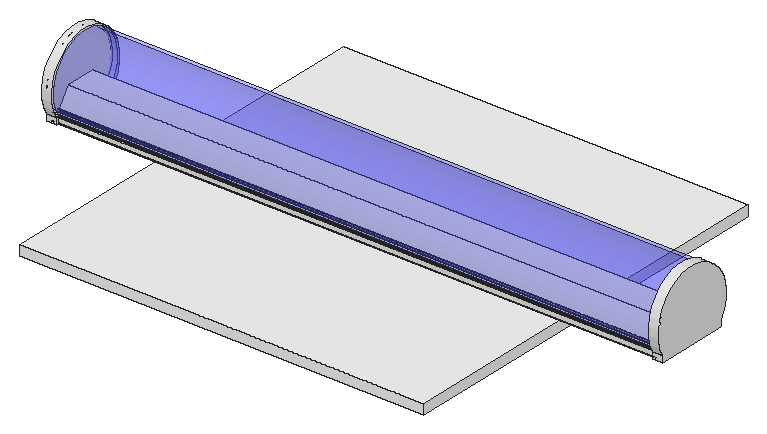
Revit family "BE_50215.2_de_DE", category Leuchten, Revit 2020
Family settings
  Basisbauteil = Fläche
  Bemaßung runder Anschluss = Durchmesser verwenden
  Teiletyp = Normal
  Beim Laden mit Abzugskörper schneiden = Ja
  Lichtquelle = Ja
  Gemeinsam genutzt = Nein
  Raumberechnungspunkt = Ja
Parameters (values of type "BEGA_50215.2_K3")
  built-in parameter 1150104 = 15.457 (stored number, unit not read)
  Wattage = 23.2 W
  Default Elevation = 0 mm
  built-in parameter 1150113 = 1 (stored number, unit not read)
  built-in parameter 1114218 = 1 (stored number, unit not read)
  Umgebungstemperatur = "25 °C"
  URL = "https://www.bega.com/de/produkt/50215.2"
  Typenkommentare = "© 2022 BEGA. Wir behalten uns das Recht vor, technische Änderungen ohne vorherige Ankündigung vorzunehmen."  # constant formula
  built-in parameter 1150134 = (empty or 0)
  built-in parameter 1150109 = 1 (stored number, unit not read)
  Strom = ""
  built-in parameter 1150110 = 1 (stored number, unit not read)
  Spannung = 239.996 V
  Sonderanfertigung = no
  Seriennummer [instance] = "Hier können Sie die eindeutige Seriennummer für das Facility Management eintragen."
  Schutzklasse = "I"
  Schutzart = "IP 20"
  Scheinlast = 0 VA
  Produktdatenblatt = "https://cdn.bega.com/bega/products/50215.2K3/current/documents/data-sheets/de"
  Oberflächentemperatur = ""
  Neigungswinkel = 0.00°
  Modell = "50215.2K3"
  Material_22 = BEGA_Oberfläche_Aluminium_matt
  Material_14 = BEGA_Kunststoff_opal
  Material_06 = BEGA_Oberfläche_Edelstahl_gebürstet
  M_W = no
  M_G = no
  M_A = no
  Logo = 0
  built-in parameter 1114217 = 1 (stored number, unit not read)
  built-in parameter 1150139 = (empty or 0)
  built-in parameter 1150105 = 307.17 (stored number, unit not read)
  built-in parameter 1150114 = 1 (stored number, unit not read)
  Lumens = 3860.02 lm
  built-in parameter 1150115 = 1 (stored number, unit not read)
  Leuchtenlichtstrom = "2650 lm"
  Leuchtenanzahl = ""
  Lebensdauerkriterien = "L70B50 @ 25 °C = 200000 h"
  Lastklassifizierung = Beleuchtung
  built-in parameter 1150112 = 1 (stored number, unit not read)
  Lampenlichtstrom = "3860 lm"
  Lampe = "LED 23.2 W"
  LED_Modulbezeichnung = "4x LED-0627/930"
  Hersteller = "BEGA"  # constant formula
  Halbstreuwinkel = ""
  Gewicht = "1.7 kg"
  Gebrauchslageneinschränkung [instance] = ""
  Frequenz = "0/50-60 Hz"
  Farbwiedergabeindex = "CRI > 90"
  Farbtemperaturverschiebung bei Dämpfen der Lampe = <Keine Auswahl>
  Farbtemperatur = "3000 K"
  Color Filter = 16777215
  built-in parameter 1150133 = 10 (stored number, unit not read)
  Energieeffizienzklasse = "LED A++ - A"
  built-in parameter 1150137 = (empty or 0)
  built-in parameter 1150132 = (empty or 0)
  ENEC = "ja"
  Dimmbar [instance] = "DALI"
  Datei für fotometrisches Netz = "BE_50215K3_PRE.IES"
  CE_Konformität = "ja"
  Bestellnummer = "50215.2K3"
  Beschreibung_Sonderanfertigung = "Hier können Sie Informationen zur Sonderanfertigung eintragen."
  Beschreibung = "Decken- und Wandleuchte"
  built-in parameter 1150106 = 3.0717 (stored number, unit not read)
  Befestigungsbohrung = "Ø 5,5 mm"
  Befestigungsabstand = "500 mm"
  Ballwurfsicher = ""
  BEGA_Intern_aus = yes
  BEGA_Intern_an = yes
  BEGA_Intern_Konstruktion = yes
  BEGA_Intern = yes
  BEGA_IES = yes
  BEGA_Dummy = no
  Anschlussleitung = ""
  Anschlussleistung [instance] = "26.6 W"
  Anschlusskasten = ""
  built-in parameter 1150107 = 3000 (stored number, unit not read)
  built-in parameter 1150102 = (empty or 0)
  built-in parameter 1150138 = (empty or 0)
  Aktualisierung = "2022-12-06T04:00:04"
  Abstand_zur_angestrahlten_Fläche [instance] = ""
  AC/DC = "AC/DC"
Reference planes
  plane 1 "Mitte (Vorne/Hinten)": y = 0
  plane 2: z = 0
  plane 3 "Mitte (Links/Rechts)": x = 0
  plane 4 "Links": x = -305
  plane 5 "Rechts": x = 305
  plane 6 "Unten": y = -41.921
  plane 7 "Oben": y = 41.921
  plane 8 "Vorne": z = 71.071
  plane 9 "Hinten": z = 0
Forms (mm)
  Extrusion 1, solid, material "BEGA_Platte_Weiss"
    sketch origin (0, -1119.2, 0) x (1, 0, 0) y (0, 1, 0)
      loop
        line (-200, 1319.2) -> (-200, 919.2) -> (200, 919.2) -> (200, 1319.2) -> (-200, 1319.2)
    from 0 to -10
  Extrusion 2, solid, material "BEGA_Dummy_matt", visible <- "BEGA_Dummy"
    sketch origin (80.095, -76.023, 0) x (1, 0, 0) y (0, 1, 0)
      loop
        line (-385.095, 76.023) -> (-385.095, 34.102) -> (224.905, 34.102) -> (224.905, 76.023) -> (-385.095, 76.023)
    from 0 to 71.071
Dimensions and locks
  plane 1 "Mitte (Vorne/Hinten)" to Extrusion 1 = 200 mm
  aligned and locked: plane 2 to Extrusion 1
  aligned and locked: level to Extrusion 1
Nested families
  nested 1: "BE_50215.2" at (0, 0, 0), type "BE_50215.2"
Connectors
  electrical at (0, 0, 0), driven by "Lastklassifizierung", driven by "Spannung", driven by "Scheinlast"
    settings: index 1, voltage 239.996 V, apparent load 0 VA, apparent load phase1 0 VA, apparent load phase2 0 VA, apparent load phase3 0 VA, power factor 1, load classification "Beleuchtung", number of poles 1, system type 31, power factor state 1, is connector primary yes, connector utility no, sub classification motor no, connector description ""
Definition of nested family "BE_50215.2"
  Parameters (values of type "BE_50215.2")
    Default Elevation = 1 mm
    URL = "http://www.bega.de/de/produkt"
    Type Comments = "© 2015 BEGA. Wir behalten uns das Recht vor, technische Änderungen ohne vorherige Ankündigung vorzunehmen. "  # constant formula
    Type Image = (empty or 0)
    Neigungswinkel_um_Z2 = 0.00°
    Neigungswinkel_um_Z1 = 0.00°
    Neigungswinkel_um_Y2 = 0.00°
    Neigungswinkel_um_Y1 = 0.00°
    Neigungswinkel_um_X2 = 0.00°
    Neigungswinkel_um_X1 = 0.00°
    Material_22 = none
    Material_17 = none
    Material_15 = none
    Material_14 = none
    Material_11 = none
    Material_09 = none
    Material_06 = none
    Material_05 = none
    Material_03 = none
    Material_02 = none
    Material_01 = none
    M_W = yes
    M_G = yes
    M_A = yes
    Länge_Platte = 800 mm  # constant formula
    Höhe_Platte = -10 mm  # constant formula
    Manufacturer = "BEGA"  # constant formula
    Drehwinkel_um_Z2 = 0.00°
    Drehwinkel_um_Z1 = 0.00°
    Breite_Platte = 200 mm  # constant formula
  Reference planes
    plane 1 "Mitte (Oben/Unten)": y = 0
    plane 2: z = 0
    plane 3 "Mitte (Links/Rechts)": x = 0
    plane 4: x = -305
    plane 5: z = 71.071
    plane 6: y = 41.921
    plane 7: y = -41.921
    plane 8: x = 305
  Forms (mm)
    Extrusion 1, solid, detail levels medium
      sketch origin (0, 0, 0) x (1, 0, 0) y (0, 1, 0)
        loop
          line (-400, 100) -> (-400, -100) -> (400, -100) -> (400, 100) -> (-400, 100)
      from 0 to -10 <- "Höhe_Platte"
    Extrusion 2, solid, material <- "Material_22", detail levels medium+fine
      sketch origin (0, 0, 0) x (0, 1, 0) y (0, 0, 1)
        loop
          line (29.5, 1.05) -> (33.5, 1.05)
          arc (33.5, 1.05) -> (33.854, 1.196) -> (34, 1.55) r 0.5
          line (34, 1.55) -> (34.005, 6.55)
          arc (34.005, 6.55) -> (33.854, 6.904) -> (33.5, 7.05) r 0.5
          line (33.5, 7.05) -> (26.25, 7.05) -> (26.25, 9.05) -> (14.75, 25.75) -> (-14.75, 25.75) -> (-26.25, 9.05) -> (-26.25, 7.05) -> (-33.5, 7.05)
          arc (-33.5, 7.05) -> (-33.854, 6.904) -> (-34, 6.55) r 0.5
          line (-34, 6.55) -> (-34.005, 1.55)
          arc (-34.005, 1.55) -> (-33.854, 1.196) -> (-33.5, 1.05) r 0.5
          line (-33.5, 1.05) -> (-29.5, 1.05)
          arc (-29.5, 1.05) -> (-29.146, 1.196) -> (-29, 1.55) r 0.5
          line (-29, 1.55) -> (-29, 3.75) -> (-15.25, 3.75) -> (-15.25, 17.45) -> (15.25, 17.45) -> (15.25, 3.75) -> (29, 3.75) -> (29, 1.55)
          arc (29, 1.55) -> (29.146, 1.196) -> (29.5, 1.05) r 0.5
      from -302.555 to 301.52
    Extrusion 3, solid, material <- "Material_22", detail levels medium+fine
      sketch origin (0, 0, 0) x (0, 1, 0) y (0, 0, 1)
        loop
          line (35.921, 1.279) -> (35.921, 7.539)
          arc (35.921, 7.539) -> (0, 71.071) -> (-35.921, 7.539) r 41.921
          line (-35.921, 7.539) -> (-35.921, 1.281) -> (35.921, 1.279)
      from 295.131 to 305
    Extrusion 4, void
      sketch origin (0, 0, 0) x (0, 1, 0) y (0, 0, 1)
        loop
          line (34.005, 0) -> (34.005, 8.308)
          arc (34.005, 8.308) -> (0, 69.951) -> (-34.005, 8.308) r 40.201
          line (-34.005, 8.308) -> (-34.005, 0) -> (34.005, 0)
      from 293.13 to 301.52
    Extrusion 5, solid, material <- "Material_22", detail levels medium+fine
      sketch origin (0, 0, 0) x (0, 1, 0) y (0, 0, -1)
        loop
          line (35.921, -1.279) -> (-35.921, -1.281) -> (-35.921, -7.539)
          arc (-35.921, -7.539) -> (0, -71.071) -> (35.921, -7.539) r 41.921
          line (35.921, -7.539) -> (35.921, -1.279)
      from 295.131 to 305
    Extrusion 6, void
      sketch origin (0, 0, 0) x (0, 1, 0) y (0, 0, -1)
        loop
          line (34.005, 0) -> (-34.005, 0) -> (-34.005, -8.308)
          arc (-34.005, -8.308) -> (0, -69.951) -> (34.005, -8.308) r 40.201
          line (34.005, -8.308) -> (34.005, 0)
      from 293.13 to 300.697
    Extrusion 7, solid, material <- "Material_14", detail levels medium+fine
      sketch origin (0, 0, 0) x (0, 1, 0) y (0, 0, 1)
        loop
          arc (-34.253, 8.991) -> (-33.161, 7.935) -> (-31.69, 7.55) r 3
          line (-31.69, 7.55) -> (-28.25, 7.55)
          arc (-28.25, 7.55) -> (-27.25, 8.55) -> (-28.25, 9.55) r 1
          line (-28.25, 9.55) -> (-31.69, 9.55)
          arc (-31.69, 9.55) -> (-32.179, 9.678) -> (-32.543, 10.028) r 1
          arc (-32.543, 10.028) -> (0, 67.648) -> (32.543, 10.028) r 38
          arc (32.543, 10.028) -> (32.179, 9.678) -> (31.69, 9.55) r 1
          line (31.69, 9.55) -> (28.25, 9.55)
          arc (28.25, 9.55) -> (27.25, 8.55) -> (28.25, 7.55) r 1
          line (28.25, 7.55) -> (31.69, 7.55)
          arc (31.69, 7.55) -> (33.161, 7.935) -> (34.253, 8.991) r 3
          arc (34.253, 8.991) -> (0, 69.648) -> (-34.253, 8.991) r 40
      from -300.697 to 302
    Extrusion 8, solid, material <- "Material_05", detail levels medium+fine
      sketch origin (0, 0, 0) x (1, 0, 0) y (0, 1, 0)
        loop
          arc (-263, 28.5) -> (-264.414, 27.914) -> (-265, 26.5) r 2
          line (-265, 26.5) -> (-265, -26.5)
          arc (-265, -26.5) -> (-264.414, -27.914) -> (-263, -28.5) r 2
          line (-263, -28.5) -> (-237, -28.5)
          arc (-237, -28.5) -> (-235.586, -27.914) -> (-235, -26.5) r 2
          line (-235, -26.5) -> (-235, 26.5)
          arc (-235, 26.5) -> (-235.586, 27.914) -> (-237, 28.5) r 2
          line (-237, 28.5) -> (-263, 28.5)
        loop
          line (263, 28.5) -> (237, 28.5)
          arc (237, 28.5) -> (235.586, 27.914) -> (235, 26.5) r 2
          line (235, 26.5) -> (235, -26.5)
          arc (235, -26.5) -> (235.586, -27.914) -> (237, -28.5) r 2
          line (237, -28.5) -> (263, -28.5)
          arc (263, -28.5) -> (264.414, -27.914) -> (265, -26.5) r 2
          line (265, -26.5) -> (265, 26.5)
          arc (265, 26.5) -> (264.414, 27.914) -> (263, 28.5) r 2
      from 1.55 to 5
    Extrusion 9, solid, material <- "Material_05", detail levels medium+fine
      sketch origin (0, 0, 0) x (1, 0, 0) y (0, 1, 0)
        loop
          circle (-260.5, 24) r 2
        loop
          circle (-260.5, -24) r 2
        loop
          circle (-239.5, -24) r 2
        loop
          circle (-239.5, 24) r 2
        loop
          circle (260.5, 24) r 2
        loop
          circle (239.5, 24) r 2
        loop
          circle (239.5, -24) r 2
        loop
          circle (260.5, -24) r 2
      from 0 to 3.55
    Extrusion 10, void
      sketch origin (0, 0, 0) x (1, 0, 0) y (0, 1, 0)
        loop
          arc (252.75, 3.25) -> (250, 6) -> (247.25, 3.25) r 2.75
          line (247.25, 3.25) -> (247.25, -3.25)
          arc (247.25, -3.25) -> (250, -6) -> (252.75, -3.25) r 2.75
          line (252.75, -3.25) -> (252.75, 3.25)
        loop
          arc (-246.75, -2.75) -> (-244, 0) -> (-246.75, 2.75) r 2.75
          line (-246.75, 2.75) -> (-253.25, 2.75)
          arc (-253.25, 2.75) -> (-256, 0) -> (-253.25, -2.75) r 2.75
          line (-253.25, -2.75) -> (-246.75, -2.75)
      from 0 to 7
    Revolve 11, void
      sketch origin (0, 0, 0) x (1, 0, 0) y (0, 0, 1)
        loop
          line (-301.574, 32.424) -> (-305.595, 36.445) -> (-305.595, 29.75) -> (-301.574, 29.75) -> (-301.574, 32.424)
        axis (-301.574, 29.75) -> (-305.595, 29.75)
      angle from 0 to 360
    Revolve 12, solid, material <- "Material_06", detail levels fine
      sketch origin (0, 0, 0) x (1, 0, 0) y (0, 0, 1)
        loop
          line (-304.674, 29.75) -> (-301.574, 29.75) -> (-301.574, 32) -> (-304.674, 35.1) -> (-304.674, 29.75)
        axis (-301.574, 29.75) -> (-304.674, 29.75)
      angle from 0 to 360
  Cuts and joins
    Extrusion 4, Extrusion 6 cuts Extrusion 3
    Extrusion 6, Revolve 11 cuts Extrusion 5
    joined: Extrusion 3, Extrusion 5
    Extrusion 10 cuts Extrusion 8
    Extrusion 10 cuts Extrusion 9
    joined: Extrusion 8, Extrusion 9
    Extrusion 10, Revolve 11 cuts Extrusion 2
    Extrusion 10 cuts Extrusion 7
  Dimensions and locks
    equal spacing: Extrusion 1 sketch curve, plane 3 "Mitte (Links/Rechts)", Extrusion 1 sketch curve
    equal spacing: Extrusion 1 sketch curve, plane 1 "Mitte (Oben/Unten)", Extrusion 1 sketch curve
    "Länge_Platte": Extrusion 1 sketch curve to Extrusion 1 sketch curve
    "Breite_Platte": Extrusion 1 sketch curve to Extrusion 1 sketch curve
    aligned and locked: Extrusion 1 to plane 2
    aligned and locked: level to Extrusion 1
  Automatic sketch dimensions
    level to Extrusion 2 sketch curve = 1.55 mm  (x2)
    plane 1 "Mitte (Oben/Unten)" to Extrusion 2 sketch curve = 33.5 mm
    Extrusion 2 sketch curve to Extrusion 2 sketch curve = 0 mm  (x5)
    level to Extrusion 2 sketch curve = 1.05 mm
    Extrusion 2 sketch curve to Extrusion 2 sketch curve = 4 mm  (x2)
    Extrusion 2 sketch curve to Extrusion 2 sketch curve = 0.5 mm  (x6)
    level to Extrusion 2 sketch curve = 9.05 mm  (x2)
    Extrusion 2 sketch curve to Extrusion 2 sketch curve = 2.75 mm  (x2)
    Extrusion 2 sketch curve to Extrusion 2 sketch curve = 11 mm  (x2)
    Extrusion 2 sketch curve to plane 1 "Mitte (Oben/Unten)" = 14.75 mm
    Extrusion 2 sketch curve to Extrusion 2 sketch curve = 4.5 mm
    Extrusion 2 sketch curve to Extrusion 2 sketch curve = 2.2 mm  (x2)
    Extrusion 2 sketch curve to Extrusion 2 sketch curve = 5 mm  (x2)
    Extrusion 2 sketch curve to Extrusion 2 sketch curve = 2 mm
    Extrusion 2 sketch curve to Extrusion 2 sketch curve = 13.7 mm
    Extrusion 2 sketch curve to Extrusion 2 sketch curve = 8.3 mm
    Extrusion 2 sketch curve to Extrusion 2 sketch curve = 0.005 mm  (x2)
    Extrusion 3 sketch curve to plane 1 "Mitte (Oben/Unten)" = 0 mm
    level to Extrusion 3 sketch curve = 1.281 mm
    plane 1 "Mitte (Oben/Unten)" to Extrusion 3 sketch curve = 35.921 mm
    level to Extrusion 3 sketch curve = 1.279 mm
    Extrusion 3 sketch curve to plane 1 "Mitte (Oben/Unten)" = 35.921 mm
    Extrusion 3 sketch curve to Extrusion 3 sketch curve = 6.26 mm
    level to Extrusion 3 sketch curve = 29.15 mm
    Extrusion 4 sketch curve to level = 0 mm
    Extrusion 4 sketch curve to plane 1 "Mitte (Oben/Unten)" = 0 mm
    level to Extrusion 4 sketch curve = 8.308 mm
    plane 1 "Mitte (Oben/Unten)" to Extrusion 4 sketch curve = 34.005 mm
    Extrusion 4 sketch curve to plane 1 "Mitte (Oben/Unten)" = 34.005 mm
    level to Extrusion 4 sketch curve = 29.75 mm
    Extrusion 5 sketch curve to plane 1 "Mitte (Oben/Unten)" = 0 mm
    level to Extrusion 5 sketch curve = 1.281 mm
    plane 1 "Mitte (Oben/Unten)" to Extrusion 5 sketch curve = 35.921 mm
    level to Extrusion 5 sketch curve = 1.279 mm
    Extrusion 5 sketch curve to plane 1 "Mitte (Oben/Unten)" = 35.921 mm
    Extrusion 5 sketch curve to Extrusion 5 sketch curve = 6.26 mm
    level to Extrusion 5 sketch curve = 29.15 mm
    Extrusion 6 sketch curve to level = 0 mm
    Extrusion 6 sketch curve to plane 1 "Mitte (Oben/Unten)" = 0 mm
    level to Extrusion 6 sketch curve = 8.308 mm
    plane 1 "Mitte (Oben/Unten)" to Extrusion 6 sketch curve = 34.005 mm
    Extrusion 6 sketch curve to plane 1 "Mitte (Oben/Unten)" = 34.005 mm
    level to Extrusion 6 sketch curve = 29.75 mm
    Extrusion 7 sketch curve to Extrusion 7 sketch curve = 0 mm  (x6)
    Extrusion 7 sketch curve to plane 1 "Mitte (Oben/Unten)" = 0 mm
    level to Extrusion 7 sketch curve = 9.55 mm
    plane 1 "Mitte (Oben/Unten)" to Extrusion 7 sketch curve = 28.25 mm
    Extrusion 7 sketch curve to Extrusion 7 sketch curve = 3.44 mm  (x2)
    level to Extrusion 7 sketch curve = 8.55 mm
    Extrusion 7 sketch curve to plane 1 "Mitte (Oben/Unten)" = 28.25 mm
    Extrusion 7 sketch curve to Extrusion 7 sketch curve = 1 mm  (x4)
    level to Extrusion 7 sketch curve = 29.648 mm
    Extrusion 7 sketch curve to Extrusion 7 sketch curve = 0.853 mm
    Extrusion 7 sketch curve to Extrusion 7 sketch curve = 1.71 mm
    Extrusion 8 sketch curve to plane 1 "Mitte (Oben/Unten)" = 26.5 mm  (x2)
    Extrusion 8 sketch curve to Extrusion 8 sketch curve = 2 mm  (x6)
    Extrusion 8 sketch curve to Extrusion 8 sketch curve = 26 mm  (x4)
    plane 1 "Mitte (Oben/Unten)" to Extrusion 8 sketch curve = 26.5 mm
    plane 3 "Mitte (Links/Rechts)" to Extrusion 8 sketch curve = 235 mm
    plane 1 "Mitte (Oben/Unten)" to Extrusion 8 sketch curve = 28.5 mm
    Extrusion 8 sketch curve to plane 3 "Mitte (Links/Rechts)" = 235 mm
    plane 3 "Mitte (Links/Rechts)" to Extrusion 10 sketch curve = 247.25 mm
    Extrusion 10 sketch curve to Extrusion 10 sketch curve = 2.75 mm  (x2)
    Extrusion 10 sketch curve to plane 1 "Mitte (Oben/Unten)" = 3.25 mm
    Extrusion 10 sketch curve to Extrusion 10 sketch curve = 6.5 mm  (x2)
    Extrusion 10 sketch curve to plane 3 "Mitte (Links/Rechts)" = 246.75 mm
    plane 1 "Mitte (Oben/Unten)" to Extrusion 10 sketch curve = 2.75 mm
    Extrusion 10 sketch curve to Extrusion 10 sketch curve = 0 mm  (x2)
    level to Revolve 11 sketch curve = 36.445 mm
    Revolve 11 sketch curve to plane 3 "Mitte (Links/Rechts)" = 305.595 mm
    Revolve 11 sketch curve to Revolve 11 sketch curve = 4.02 mm  (x2)
    Revolve 11 sketch curve to Revolve 11 sketch curve = 2.674 mm
    Revolve 11 sketch curve to Revolve 11 sketch curve = 0.742 mm
    Revolve 11 sketch curve to Revolve 11 sketch curve = 0 mm  (x2)
    level to Revolve 12 sketch curve = 35.1 mm
    Revolve 12 sketch curve to plane 3 "Mitte (Links/Rechts)" = 304.674 mm
    Revolve 12 sketch curve to Revolve 12 sketch curve = 3.1 mm  (x2)
    Revolve 12 sketch curve to Revolve 12 sketch curve = 2.25 mm
    Revolve 12 sketch curve to Revolve 12 sketch curve = 1.773 mm
    Revolve 12 sketch curve to Revolve 12 sketch curve = 0 mm  (x2)
